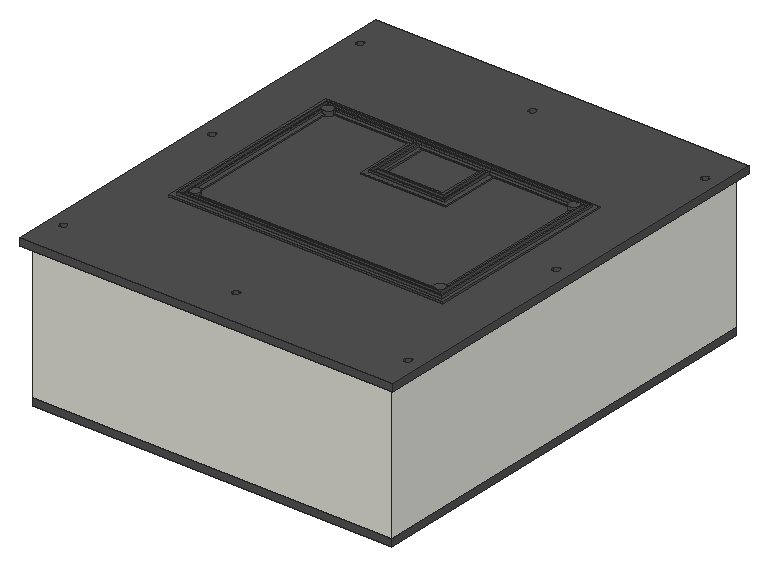
Revit family "Electrical-Box_FSR_FL500P", category Electrical Fixtures, host Face, Revit 2026
Family settings
  Host = Face
  Round Connector Dimension = Use Diameter
  Part Type = Normal
  Cut with Voids When Loaded = No
  Maintain Annotation Orientation = No
  Shared = No
  Room Calculation Point = No
Parameters (values of type "10" Height - 1/2" Edging - Black Cover")
  Warranty Duration (Years) = 0
  Voltage = 0 V
  URL = "http://www.fsrinc.com/"
  Test Data = "ftp://doclib.fsrinc.com/"
  Specification = "http://www.arcat.com/specwizard/clients/fsrinc.html?coid=40389"
  Send Message = "http://admin.arcat.com/users.pl?action=UserEmail&company=FSR%20Inc.&coid=40389&rep=121&fax=973-785-4207&mf=04"
  Sales Information = "http://www.fsrinc.com/salesContacts.htm"
  Product Properties = ""
  Product Data = "http://www.arcat.com/arcatcos/cos40/arc40389.html"
  Pole = 1
  Model = "FL-500P"
  Manufacturer Website = "http://www.fsrinc.com/"
  Manufacturer Phone - Toll Free = "800-332-3771"
  Manufacturer Phone = "973-785-4347"
  Manufacturer Fax = "973-785-4207"
  Manufacturer Address = "244 Bergen Blvd; West Paterson; NJ 07424"
  Manufacturer = "FSR Inc."
  Maintenance Schedule (Months) = 0
  Keynote = "26 27 26"
  Installation-Fabrication = "ftp://doclib.fsrinc.com/"
  Installation Phase = ""
  Green Building-LEED = "http://www.arcat.com/green/clients04/leed_data_40389.html"
  Expected Lifespan (Years) = 0
  Drawn By = "Robert S. Weygant. CSI, CDT, SCIP"  # constant formula
  Description = "FSR FL-500P - 10\" Height - 1/2\" Edging - Black Cover"
  Default Elevation = 1219.2 mm
  Cover Material = Black
  Copyright = "2009, ARCAT, Inc."  # constant formula
  Construction Details = "ftp://doclib.fsrinc.com/"
  Connections = "1\" - 1 1/4\" Knockouts"
  Building Codes = "ftp://doclib.fsrinc.com/"
  Box Width [instance] = 254 mm
  Box Length [instance] = 305 mm
  Box Depth [instance] = 102 mm
  Body Material = Material and Finish as Specified in 26 27 26
  Assembly Code = "D5020100"
  Apparent Load = 0 VA
Types (25, lengths in mm): name | Description | Cover Material
  (no name) | "FSR FL-500P - 10\" Height - 1/2\" Edging - Black Cover" | Black
  10" Height - 1/2" Edging - Black Cover | "FSR FL-500P - 10\" Height - 1/2\" Edging - Black Cover" | Black
  10" Height - 1/2" Edging - Gray Cover | "FSR FL-500P - 10\" Height - 1/2\" Edging - Gray Cover" | Gray
  10" Height - 1/4" Edging - Black Cover | "FSR FL-500P - 10\" Height - 1/4\" Edging - Black Cover" | Black
  10" Height - 1/4" Edging - Gray Cover | "FSR FL-500P - 10\" Height - 1/4\" Edging - Gray Cover" | Gray
  2.25" Height - 1/2" Edging - Black Cover | "FSR FL-500P - 2.25\" Height - 1/2\" Edging - Black Cover" | Black
  2.25" Height - 1/2" Edging - Gray Cover | "FSR FL-500P - 2.25\" Height - 1/2\" Edging - Gray Cover" | Gray
  2.25" Height - 1/4" Edging - Black Cover | "FSR FL-500P - 2.25\" Height - 1/4\" Edging - Black Cover" | Black
  2.25" Height - 1/4" Edging - Gray Cover | "FSR FL-500P - 2.25\" Height - 1/4\" Edging - Gray Cover" | Gray
  3" Height - 1/2" Edging - Black Cover | "FSR FL-500P - 3\" Height - 1/2\" Edging - Black Cover" | Black
  3" Height - 1/2" Edging - Gray Cover | "FSR FL-500P - 3\" Height - 1/2\" Edging - Gray Cover" | Gray
  3" Height - 1/4" Edging - Black Cover | "FSR FL-500P - 3\" Height - 1/4\" Edging - Black Cover" | Black
  3" Height - 1/4" Edging - Gray Cover | "FSR FL-500P - 3\" Height - 1/4\" Edging - Gray Cover" | Gray
  4" Height - 1/2" Edging - Black Cover | "FSR FL-500P - 4\" Height - 1/2\" Edging - Black Cover" | Black
  4" Height - 1/2" Edging - Gray Cover | "FSR FL-500P - 4\" Height - 1/2\" Edging - Gray Cover" | Gray
  4" Height - 1/4" Edging - Black Cover | "FSR FL-500P - 4\" Height - 1/4\" Edging - Black Cover" | Black
  4" Height - 1/4" Edging - Gray Cover | "FSR FL-500P - 4\" Height - 1/4\" Edging - Gray Cover" | Gray
  6" Height - 1/2" Edging - Black Cover | "FSR FL-500P - 10\" Height - 1/2\" Edging - Black Cover" | Black
  6" Height - 1/2" Edging - Gray Cover | "FSR FL-500P - 6\" Height - 1/2\" Edging - Gray Cover" | Gray
  6" Height - 1/4" Edging - Black Cover | "FSR FL-500P - 6\" Height - 1/4\" Edging - Black Cover" | Black
  6" Height - 1/4" Edging - Gray Cover | "FSR FL-500P - 6\" Height - 1/4\" Edging - Gray Cover" | Gray
  8" Height - 1/2" Edging - Black Cover | "FSR FL-500P - 8\" Height - 1/2\" Edging - Black Cover" | Black
  8" Height - 1/2" Edging - Gray Cover | "FSR FL-500P - 8\" Height - 1/2\" Edging - Gray Cover" | Gray
  8" Height - 1/4" Edging - Black Cover | "FSR FL-500P - 8\" Height - 1/4\" Edging - Black Cover" | Black
  8" Height - 1/4" Edging - Gray Cover | "FSR FL-500P - 8\" Height - 1/4\" Edging - Gray Cover" | Gray
Reference planes
  plane 1 "Center (Front/Back)": y = 0
  plane 2: z = 0
  plane 3 "Center (Left/Right)": x = 0
  plane 4: y = 152.5
  plane 5: y = -152.5
  plane 6: x = 127
  plane 7: x = -127
  plane 8: z = -102
Forms (mm)
  Extrusion 1, solid, material "Material and Finish as Specified in 26 27 26" <- "Body Material"
    sketch origin (0, 0, -102) x (0, 1, 0) y (-1, 0, 0)
      loop
        line (152.5, 127) -> (-152.5, 127) -> (-152.5, -127) -> (152.5, -127) -> (152.5, 127)
      loop
        line (142.5, 117) -> (-142.5, 117) -> (-142.5, -117) -> (142.5, -117) -> (142.5, 117)
    from 0 to 102
  Extrusion 2, solid, material "Black" <- "Cover Material"
    sketch origin (0, 0, 0) x (1, 0, 0) y (0, 1, 0)
      loop
        line (-132, 157.5) -> (-132, -157.5) -> (132, -157.5) -> (132, 157.5) -> (-132, 157.5)
    from 0 to 5
  Extrusion 3, void
    sketch origin (0, 0, 0) x (1, 0, 0) y (0, 1, 0)
      loop
        circle (-122, 131.5) r 2.5
      loop
        circle (0, 131.5) r 2.5
      loop
        circle (122, 131.5) r 2.5
      loop
        circle (-122, -131.5) r 2.5
      loop
        circle (0, -131.5) r 2.5
      loop
        circle (122, -131.5) r 2.5
      loop
        circle (-122, 0) r 2.5
      loop
        circle (122, 0) r 2.5
    from 0 to 5
  Sweep 4, solid, material "Black" <- "Cover Material"
    path origin (0, 0, 5) x (1, 0, 0) y (0, 1, 0)
      loop
        line (-97, 69.264) -> (-97, -69.264) -> (97, -69.264) -> (97, 69.264) -> (-97, 69.264)
    profile origin (0, 69.264, 5) x (0, 1, 0) y (0, 0, 1)
      loop
        line (-10, 0) -> (0, 0) -> (0, 0.9) -> (-3, 0.9) -> (-3, 2.472) -> (-3.9, 2.472) -> (-3.9, 0.9) -> (-6.1, 0.9) -> (-6.1, 2.472) -> (-7, 2.472) -> (-7, 0.9) -> (-10, 0.9) -> (-10, 0)
  Sweep 5, solid, material "Black" <- "Cover Material"
    path origin (0, 0, 5) x (1, 0, 0) y (0, 1, 0)
      loop
        line (-25, 59.264) -> (-25, 21.764) -> (25, 21.764) -> (25, 59.264)
    profile origin (25, 40.514, 5) x (-1, 0, 0) y (0, 0, 1)
      loop
        line (-5, 0) -> (5, 0) -> (5, 0.9) -> (2, 0.9) -> (2, 2.472) -> (1.1, 2.472) -> (1.1, 0.9) -> (-1.1, 0.9) -> (-1.1, 2.472) -> (-2, 2.472) -> (-2, 0.9) -> (-5, 0.9) -> (-5, 0)
  Extrusion 6, solid, material "Black" <- "Cover Material"
    sketch origin (0, 0, 5) x (1, 0, 0) y (0, 1, 0)
      loop
        circle (-87, 59.264) r 3.569
      loop
        circle (87, 59.264) r 3.569
      loop
        circle (87, -59.264) r 3.569
      loop
        circle (-87, -59.264) r 3.569
    from 0 to 2.846
  Extrusion 7, solid, material "Black" <- "Cover Material"
    sketch origin (0, 0, -102) x (0, 1, 0) y (-1, 0, 0)
      loop
        line (152.5, 127) -> (-152.5, 127) -> (-152.5, -127) -> (152.5, -127) -> (152.5, 127)
    from 0 to 5
Cuts and joins
  Extrusion 3 cuts Extrusion 2
Dimensions and locks
  equal spacing: plane 5, plane 1 "Center (Front/Back)", plane 4
  equal spacing: plane 7, plane 3 "Center (Left/Right)", plane 6
  "Box Width": plane 7 to plane 6
  "Box Length": plane 5 to plane 4
  locked: Extrusion 3 sketch curve to Extrusion 1 at 11  (x6)
  Sweep 4 sketch curve to Sweep 4 sketch curve = 138.527 mm
  locked: plane 5 to Extrusion 2 sketch curve at 5
  locked: plane 6 to Extrusion 2 sketch curve at 5
  locked: plane 4 to Extrusion 2 sketch curve at 5
  locked: Extrusion 2 sketch curve to plane 7 at 5
  locked: plane 7 to Extrusion 3 sketch curve at 5  (x2)
  locked: Extrusion 3 sketch curve to plane 6 at 5  (x2)
  Sweep 5 sketch curve to Sweep 5 sketch curve = 50 mm
  "Box Depth": plane 2 to plane 8
  locked: Extrusion 7 to plane 8 at 5
  aligned and locked: plane 2 to host face
  aligned and locked: level to host face
  aligned and locked: plane 7 to Extrusion 1 sketch curve
  aligned and locked: Extrusion 1 sketch curve to plane 4
  aligned and locked: plane 5 to Extrusion 1 sketch curve
  aligned and locked: plane 6 to Extrusion 1 sketch curve
  aligned and locked: plane 8 to Extrusion 7
  aligned and locked: Extrusion 1 to plane 8
  aligned and locked: plane 2 to Extrusion 1
Automatic sketch dimensions
  host sketch curve to host sketch curve = 2438.4 mm  (x2)
  Extrusion 1 sketch curve to plane 5 = 10 mm
  plane 4 to Extrusion 1 sketch curve = 10 mm
  Extrusion 1 sketch curve to plane 6 = 10 mm
  plane 7 to Extrusion 1 sketch curve = 10 mm
  plane 1 "Center (Front/Back)" to Extrusion 3 sketch curve = 0 mm  (x2)
  Extrusion 3 sketch curve to plane 3 "Center (Left/Right)" = 0 mm  (x2)
  plane 7 to Extrusion 3 sketch curve = 5 mm
  Extrusion 3 sketch curve to plane 6 = 5 mm
  Sweep 4 sketch curve to Extrusion 2 = 35 mm  (x2)
  Sweep 4 sketch curve to Extrusion 2 = 88.236 mm
  Sweep 4 sketch curve to profile plane = 0 mm  (x2)
  profile plane to Sweep 4 sketch curve = 3 mm
  Sweep 4 sketch curve to Sweep 4 sketch curve = 0.9 mm  (x4)
  Sweep 4 sketch curve to Sweep 4 sketch curve = 2.2 mm
  Sweep 4 sketch curve to Sweep 4 sketch curve = 3 mm
  profile plane to Sweep 4 sketch curve = 0.9 mm
  Sweep 4 sketch curve to Sweep 4 sketch curve = 1.572 mm  (x2)
  Sweep 5 sketch curve to Extrusion 2 = 107 mm
  Sweep 5 sketch curve to Extrusion 2 = 135.736 mm
  Sweep 5 sketch curve to Sweep 5 sketch curve = 37.5 mm  (x2)
  Sweep 5 sketch curve to profile plane = 0 mm
  profile plane to Sweep 5 sketch curve = 0.9 mm  (x2)
  profile plane to Sweep 5 sketch curve = 5 mm
  profile plane to Sweep 5 sketch curve = 2 mm
  Sweep 5 sketch curve to Sweep 5 sketch curve = 0.9 mm  (x2)
  Sweep 5 sketch curve to profile plane = 1.1 mm
  Sweep 5 sketch curve to Sweep 5 sketch curve = 3 mm
  Sweep 5 sketch curve to Sweep 5 sketch curve = 0 mm
  Sweep 5 sketch curve to Sweep 5 sketch curve = 1.572 mm  (x2)
  Extrusion 6 sketch curve to Extrusion 2 = 45 mm  (x4)
  Extrusion 6 sketch curve to Extrusion 2 = 98.236 mm  (x4)
  plane 5 to Extrusion 7 sketch curve = 0 mm
  plane 4 to Extrusion 7 sketch curve = 0 mm
  Extrusion 7 sketch curve to plane 6 = 0 mm
  Extrusion 7 sketch curve to plane 7 = 0 mm
  radius of Extrusion 3 sketch curve = 2.5 mm  (x8)
  radius of Extrusion 6 sketch curve = 3.569 mm  (x4)
Connectors
  electrical at (0, 0, -102), driven by "Pole", driven by "Voltage", driven by "Apparent Load"
    settings: on Extrusion 1, index 1, voltage 0 V, apparent load 0 VA, apparent load phase1 0 VA, apparent load phase2 0 VA, apparent load phase3 0 VA, power factor 1, load classification "Other", number of poles 1, system type 30, power factor state 1, is connector primary yes, connector utility no, sub classification motor no, connector description ""
